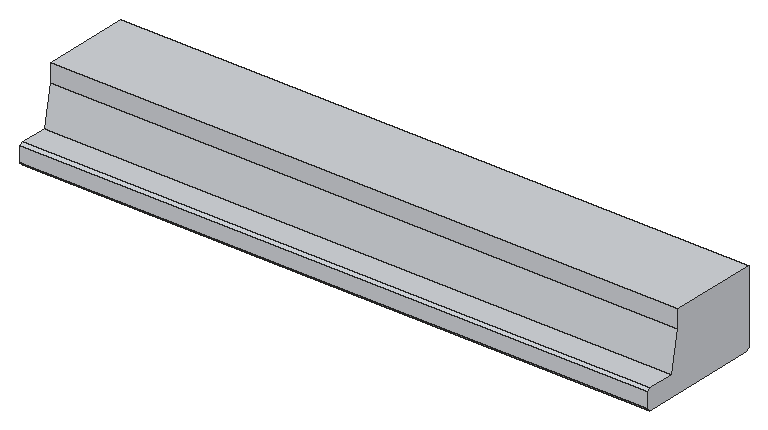
Revit family "Bjælke - LB(B)E", category Structural Framing, Revit 2019
Family settings
  Section Shape = Not Defined
  Material for Model Behavior = Other
  Always export as geometry = No
  OmniClass Number = 23.25.30.11.14.14
  OmniClass Title = Beams
  Always vertical = Yes
  Cut with Voids When Loaded = No
  Symbolic Representation = From Family
  Shared = No
  Show family pre-cut in plan views = Yes
Parameters (values of type "LBE 50/22/8")
  Model = if(Bredt Element, "LBBE", "LBE")  # "LBE"
  Konsol Tykkelse = if(Tyk Konsol, 120 mm, 80 mm)  # 80 mm
  Hylde Højde Maks = 400 mm  # constant formula
  Hylde Højde = 220 mm
  Bredt Element = no
  Bredde 2 = if(Bredt Element, 240 mm, 170 mm)  # 170 mm
  Bredde = if(Bredt Element, 660 mm, 500 mm)  # 500 mm
  Structural Material [instance] = (empty or 0)
  Manufacturer = "CRH Concrete"  # constant formula
  Length [instance] = 3000 mm
  Højde = if(Hylde Højde Maks < Hylde Højde, Hylde Højde Maks, Hylde Højde) + Konsol Tykkelse  # 300 mm
  CRH_RFA_TimeStamp_LastRelease = 20191107  # constant formula
  Tyk Konsol = no
Types (5, lengths in mm): name | Model | Konsol Tykkelse | Bredt Element | Bredde 2 | Bredde | Højde | Tyk Konsol
  (no name) | "LBE" | 80 | no | 170 | 500 | 300 | no
  LBE 50/22/8 | "LBE" | 80 | no | 170 | 500 | 300 | no
  LBBE 66/22/8 | "LBBE" | 80 | yes | 240 | 660 | 300 | no
  LBBE 66/22/12 | "LBBE" | 120 | yes | 240 | 660 | 340 | yes
  LBE 50/22/12 | "LBE" | 120 | no | 170 | 500 | 340 | yes
Reference planes
  plane 1 "Center (Front/Back)": y = 0
  plane 2 "Center Elevation": z = 0
  plane 3 "Center (Left/Right)": x = 0
  plane 4 "Left": x = -1500
  plane 5 "Member Left": x = -1250
  plane 6 "Stick Symbol Left": x = -1000
  plane 7 "Right": x = 1500
  plane 8 "Member Right": x = 1250
  plane 9 "Stick Symbol Right": x = 1000
Forms (mm)
  Sweep 1, solid
    path origin (0, 0, 0) x (1, 0, 0) y (0, 1, 0)
      loop
        line (-1250, 0) -> (1250, 0)
    profile "Profile-LBE : Profile-LBE" origin (0, 0, 0) x (0, 1, 0) y (0, 0, 1)
      loop
        line (-180, -70) -> (-210, -220) -> (-320, -220) -> (-330, -230) -> (-330, -290) -> (-320, -300) -> (160, -300) -> (170, -290) -> (170, 0) -> (-180, 0) -> (-180, -70)
Lines and regions (mm)
  model lines, style "Stick Symbols", not visible, detail levels coarse
    curve 1: line (-1000, 0, 0) -> (1000, 0, 0)
Dimensions and locks
  equal spacing: plane 4 "Left", plane 3 "Center (Left/Right)", plane 7 "Right"
  "Length": plane 4 "Left" to plane 7 "Right"
  aligned and locked: plane 1 "Center (Front/Back)" to curve 1
  aligned and locked: plane 6 "Stick Symbol Left" to curve 1
  aligned and locked: plane 9 "Stick Symbol Right" to curve 1
  aligned and locked: plane 2 "Center Elevation" to level
  aligned and locked: plane 1 "Center (Front/Back)" to Sweep 1 sketch curve
  aligned and locked: plane 5 "Member Left" to Sweep 1 sketch curve
  aligned and locked: plane 8 "Member Right" to Sweep 1 sketch curve
